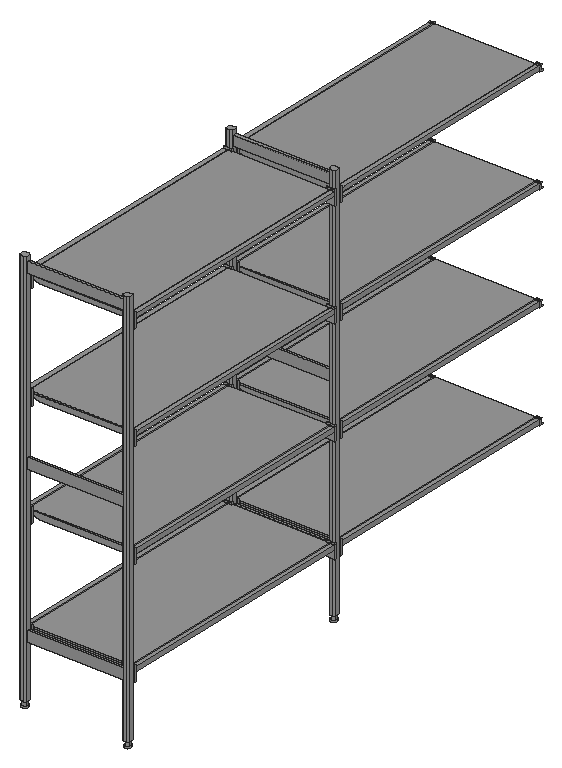
Revit family "QF_ELECTROLUXPROFESSIONAL_137085_CLS2192", category Attrezzature speciali, Revit 2020
Family settings
  Quota connettore circolare = Usa diametro
  Tipo di parte = Normale
  Basato su piano di lavoro = No
  Sempre verticale = Sì
  Taglio con vuoti quando caricato = No
  Condiviso = No
  Punto di calcolo locali = No
Parameters (values of type "Standard")
  Weight = 39.00 kg
  Watts = 0 W
  Volts = 0 V
  URL Manufacturer = "https://www.electroluxprofessional.com/"
  URL = "https://www.electroluxprofessional.com/"
  Steam Supply Size = 0 mm
  Steam Supply Minimum Pressure = 0.0 Pa
  Steam Supply Maximum Pressure = 0.0 Pa
  Steam Consumption per Hour = 0
  Refrigeration Suction Line Size = 0.0 mm
  Refrigeration Liquid Line Size = 0.0 mm
  Refrigerant Compressor Remote = yes
  Prospetto di default = 0.0 mm
  Phase = 0
  Modello = "CLS2192"
  Produttore = "Electrolux Professional"
  Length Actual = 2196.0 mm  # constant formula
  Item Number = "137085"
  Hot Water Size = 0 mm
  Height Actual = 1700.0 mm  # constant formula
  HP = "0 HP"
  Gas Size = 0 mm
  Gas KW = 0
  Gas Input Pressure = 0 W
  Direct Waste Size = 0 mm
  Descrizione = "ALUM.CORNER SHELV.-POLY.TIERS-475X2196MM"
  Depth Actual = 475.0 mm  # constant formula
  Cycle = 0 Hz
  Condensate Return Size = 0 mm
  Compressed Air Volume = 0.0 L/s
  Compressed Air Size = 0 mm
  Compressed Air Pressure = 0.0 Pa
  Cold Water Size = 0 mm
  Accessory = yes
Reference planes
  plane 1: z = 0
  plane 2 "CenterLeft": y = -535.5
  plane 3 "FRONT": y = -921.5
  plane 4 "LEFT": x = 192.5
  plane 5 "RIGHT": x = 667.5
  plane 6 "TOP": z = 1700
  plane 7: y = -889.5
  plane 8: y = 172.5
  plane 9 "Center (Left/Back)": x = 430
  plane 10: x = 256
  plane 11: x = 668
  plane 12 "FEET": z = 25
  plane 13: z = 275
  plane 14: z = 725
  plane 15: z = 1175
  plane 16: z = 1625
  plane 17 "CXLeft": y = -907.5
  plane 18 "Center (Front/Back)": y = 190.5
  plane 19 "CYFront": x = 510
  plane 20: y = 1270.5
  plane 21: y = 208.5
  plane 22 "BACK": y = 1274.5
  plane 23 "LEFT_ORIGIN": x = 158.5
  plane 24 "BACK_ORIGIN": y = 1749.5
Forms (mm)
  Extrusion 1, solid, material "QF_Aluminum"
    sketch origin (38.022, -921.5, -4.006) x (-1, 0, 0) y (0, 0, 1)
      loop
        line (-189.5, 1637.003) -> (-173.5, 1637.003) -> (-173.5, 1655) -> (-175.493, 1655) -> (-175.493, 1648.501) -> (-608.5, 1648.501) -> (-608.5, 1655) -> (-610.5, 1655) -> (-610.5, 1637.003) -> (-594.5, 1637.003) -> (-560.5, 1625) -> (-223.5, 1625) -> (-189.5, 1637.003)
      loop
        line (-189.5, 1187.003) -> (-173.5, 1187.003) -> (-173.5, 1205) -> (-175.493, 1205) -> (-175.493, 1198.501) -> (-608.5, 1198.501) -> (-608.5, 1205) -> (-610.5, 1205) -> (-610.5, 1187.003) -> (-594.5, 1187.003) -> (-560.5, 1175) -> (-223.5, 1175) -> (-189.5, 1187.003)
      loop
        line (-189.5, 737.003) -> (-173.5, 737.003) -> (-173.5, 755) -> (-175.493, 755) -> (-175.493, 748.501) -> (-608.5, 748.501) -> (-608.5, 755) -> (-610.5, 755) -> (-610.5, 737.003) -> (-594.5, 737.003) -> (-560.5, 725) -> (-223.5, 725) -> (-189.5, 737.003)
      loop
        line (-189.5, 287.003) -> (-173.5, 287.003) -> (-173.5, 305) -> (-175.493, 305) -> (-175.493, 298.501) -> (-608.5, 298.501) -> (-608.5, 305) -> (-610.5, 305) -> (-610.5, 287.003) -> (-594.5, 287.003) -> (-560.5, 275) -> (-223.5, 275) -> (-189.5, 287.003)
    from 37 to 32
  Extrusion 2, solid, material "QF_Aluminum"
    sketch origin (38.022, -921.5, 0) x (-1, 0, 0) y (0, 0, 1)
      loop
        line (-154.478, 246.005) -> (-154.478, 307.993) -> (-190.471, 307.993) -> (-190.471, 246.005) -> (-154.478, 246.005)
      loop
        line (-593.484, 246.005) -> (-593.484, 307.993) -> (-629.478, 307.993) -> (-629.478, 246.005) -> (-593.484, 246.005)
      loop
        line (-154.478, 696.005) -> (-154.478, 757.993) -> (-190.471, 757.993) -> (-190.471, 696.005) -> (-154.478, 696.005)
      loop
        line (-593.484, 696.005) -> (-593.484, 757.993) -> (-629.478, 757.993) -> (-629.478, 696.005) -> (-593.484, 696.005)
      loop
        line (-154.478, 1146.005) -> (-154.478, 1207.993) -> (-190.471, 1207.993) -> (-190.471, 1146.005) -> (-154.478, 1146.005)
      loop
        line (-593.484, 1146.005) -> (-593.484, 1207.993) -> (-629.478, 1207.993) -> (-629.478, 1146.005) -> (-593.484, 1146.005)
      loop
        line (-154.478, 1596.005) -> (-154.478, 1657.993) -> (-190.471, 1657.993) -> (-190.471, 1596.005) -> (-154.478, 1596.005)
      loop
        line (-593.484, 1596.005) -> (-593.484, 1657.993) -> (-629.478, 1657.993) -> (-629.478, 1596.005) -> (-593.484, 1596.005)
    from 28 to 32
  Extrusion 3, solid, material "QF_Aluminum"
    sketch origin (38.022, -921.5, 0) x (-1, 0, 0) y (0, 0, 1)
      loop
        line (-154.5, 1650.994) -> (-173.5, 1650.994) -> (-173.5, 1632.998) -> (-154.5, 1632.998) -> (-154.5, 1650.994)
      loop
        line (-154.5, 1200.994) -> (-173.5, 1200.994) -> (-173.5, 1182.998) -> (-154.5, 1182.998) -> (-154.5, 1200.994)
      loop
        line (-154.5, 750.994) -> (-173.5, 750.994) -> (-173.5, 732.998) -> (-154.5, 732.998) -> (-154.5, 750.994)
      loop
        line (-154.5, 300.994) -> (-173.5, 300.994) -> (-173.5, 282.998) -> (-154.5, 282.998) -> (-154.5, 300.994)
      loop
        line (-629.455, 1650.994) -> (-629.455, 1632.998) -> (-610.455, 1632.998) -> (-610.455, 1650.994) -> (-629.455, 1650.994)
      loop
        line (-629.455, 1200.994) -> (-629.455, 1182.998) -> (-610.455, 1182.998) -> (-610.455, 1200.994) -> (-629.455, 1200.994)
      loop
        line (-629.455, 750.994) -> (-629.455, 732.998) -> (-610.455, 732.998) -> (-610.455, 750.994) -> (-629.455, 750.994)
      loop
        line (-629.455, 300.994) -> (-629.455, 282.998) -> (-610.455, 282.998) -> (-610.455, 300.994) -> (-629.455, 300.994)
    from 32 to 1094
  Extrusion 4, solid, material "QF_Polyethylene"
    sketch origin (38.022, -921.5, 0) x (-1, 0, 0) y (0, 0, 1)
      loop
        line (-175.493, 1650.994) -> (-608.5, 1650.994) -> (-608.5, 1644.496) -> (-175.493, 1644.496) -> (-175.493, 1650.994)
      loop
        line (-175.493, 1200.994) -> (-608.5, 1200.994) -> (-608.5, 1194.496) -> (-175.493, 1194.496) -> (-175.493, 1200.994)
      loop
        line (-175.493, 750.994) -> (-608.5, 750.994) -> (-608.5, 744.496) -> (-175.493, 744.496) -> (-175.493, 750.994)
      loop
        line (-175.493, 300.994) -> (-608.5, 300.994) -> (-608.5, 294.496) -> (-175.493, 294.496) -> (-175.493, 300.994)
    from 32 to 1094
  Extrusion 5, solid, material "QF_Aluminum"
    sketch origin (38.022, 684.5, 0) x (-1, 0, 0) y (0, 0, 1)
      loop
        line (-154.5, 1650.994) -> (-173.5, 1650.994) -> (-173.5, 1632.998) -> (-154.5, 1632.998) -> (-154.5, 1650.994)
      loop
        line (-610.455, 1650.994) -> (-629.455, 1650.994) -> (-629.455, 1632.998) -> (-610.455, 1632.998) -> (-610.455, 1650.994)
      loop
        line (-154.5, 1200.994) -> (-173.5, 1200.994) -> (-173.5, 1182.998) -> (-154.5, 1182.998) -> (-154.5, 1200.994)
      loop
        line (-610.455, 1200.994) -> (-629.455, 1200.994) -> (-629.455, 1182.998) -> (-610.455, 1182.998) -> (-610.455, 1200.994)
      loop
        line (-154.5, 750.994) -> (-173.5, 750.994) -> (-173.5, 732.998) -> (-154.5, 732.998) -> (-154.5, 750.994)
      loop
        line (-610.455, 750.994) -> (-629.455, 750.994) -> (-629.455, 732.998) -> (-610.455, 732.998) -> (-610.455, 750.994)
      loop
        line (-154.5, 300.994) -> (-173.5, 300.994) -> (-173.5, 282.998) -> (-154.5, 282.998) -> (-154.5, 300.994)
      loop
        line (-610.455, 300.994) -> (-629.455, 300.994) -> (-629.455, 282.998) -> (-610.455, 282.998) -> (-610.455, 300.994)
    from 586 to -476
  Extrusion 6, solid, material "QF_Polyethylene"
    sketch origin (38.022, 684.5, 0) x (-1, 0, 0) y (0, 0, 1)
      loop
        line (-175.493, 1650.994) -> (-608.5, 1650.994) -> (-608.5, 1644.496) -> (-175.493, 1644.496) -> (-175.493, 1650.994)
      loop
        line (-175.493, 1200.994) -> (-608.5, 1200.994) -> (-608.5, 1194.496) -> (-175.493, 1194.496) -> (-175.493, 1200.994)
      loop
        line (-175.493, 750.994) -> (-608.5, 750.994) -> (-608.5, 744.496) -> (-175.493, 744.496) -> (-175.493, 750.994)
      loop
        line (-175.493, 300.994) -> (-608.5, 300.994) -> (-608.5, 294.496) -> (-175.493, 294.496) -> (-175.493, 300.994)
    from 586 to -476
Lines and regions (mm)
  symbolic lines
    curve 1: line (256, -912.5, 1700) -> (668, -912.5, 1700)
    curve 2: line (668, -902.5, 1700) -> (256, -902.5, 1700)
    curve 3: line (192.5, -893.5, 1700) -> (192.5, 176.5, 1700)
    curve 4: line (667.5, -889.5, 1700) -> (667.5, 172.5, 1700)
    curve 5: line (192.5, 204.5, 1700) -> (192.5, 1274.5, 1700)
    curve 6: line (667.5, 204.5, 1700) -> (667.5, 1274.5, 1700)
    curve 7: line (648.478, 172.5, 1700) -> (648.478, -889.5, 1700)
    curve 8: line (211.522, -889.5, 1700) -> (211.522, 172.5, 1700)
    curve 9: line (211.522, 208.5, 1700) -> (211.522, 1270.5, 1700)
    curve 10: line (648.478, 1270.5, 1700) -> (648.478, 208.5, 1700)
Dimensions and locks
  plane 3 "FRONT" to plane 2 "CenterLeft" = 386.0 mm
  locked: plane 6 "TOP" to level at 1700
  locked: plane 7 to plane 8 at 1062
  locked: plane 10 to plane 11 at 412
  plane 10 to plane 9 "Center (Left/Back)" to plane 11 = 174.0 mm, 238.0 mm
  equal spacing: plane 4 "LEFT", plane 9 "Center (Left/Back)", plane 5 "RIGHT"
  plane 12 "FEET" to level = 25.0 mm
  plane 6 "TOP" to plane 12 "FEET" = 1675.0 mm
  plane 13 to plane 12 "FEET" = 250.0 mm
  plane 14 to plane 13 = 450.0 mm
  plane 15 to plane 14 = 450.0 mm
  plane 16 to plane 15 = 450.0 mm
  locked: plane 21 to plane 20 at 1062
  locked: plane 8 to plane 18 "Center (Front/Back)" at 18
  locked: plane 18 "Center (Front/Back)" to plane 21 at 18
  locked: plane 3 "FRONT" to plane 7 at 32
  locked: plane 4 "LEFT" to plane 5 "RIGHT" at 475
  locked: plane 23 "LEFT_ORIGIN" to plane 5 "RIGHT" at 509
  locked: plane 22 "BACK" to plane 24 "BACK_ORIGIN" at 475
  locked: plane 22 "BACK" to plane 3 "FRONT" at 2196
  aligned and locked: level to plane 1
  aligned and locked: Extrusion 1 to plane 7
  aligned and locked: plane 7 to Extrusion 2
  aligned and locked: Extrusion 4 to plane 7
  aligned and locked: plane 8 to Extrusion 4
  aligned and locked: Extrusion 3 to plane 7
  aligned and locked: plane 8 to Extrusion 3
  aligned and locked: Extrusion 1 sketch curve to Extrusion 1 sketch curve  (x3)
  aligned and locked: Extrusion 5 sketch curve to Extrusion 5 sketch curve  (x2)
  aligned and locked: Extrusion 5 to plane 21  (x5)
  aligned and locked: Extrusion 6 to plane 21  (x5)
  aligned and locked: nested 2 to plane 18 "Center (Front/Back)"
  aligned and locked: plane 17 "CXLeft" to nested 1
  aligned and locked: plane 7 to Extrusion 3  (x3)
  aligned and locked: Extrusion 3 to plane 8  (x4)
  aligned and locked: Extrusion 4 to plane 8  (x4)
  aligned and locked: plane 20 to Extrusion 5
  aligned and locked: plane 20 to Extrusion 6
  aligned and locked: Extrusion 5 to plane 20  (x3)
  aligned and locked: Extrusion 6 to plane 20  (x3)
  aligned and locked: plane 9 "Center (Left/Back)" to nested 2
  aligned and locked: nested 3 to plane 22 "BACK"
Automatic sketch dimensions
  Extrusion 1 sketch curve to plane 19 "CYFront" = 138.522 mm  (x4)
  plane 11 to Extrusion 1 sketch curve = 35.478 mm  (x4)
  Extrusion 1 sketch curve to plane 13 = 4.006 mm
  Extrusion 1 sketch curve to Extrusion 1 sketch curve = 34.0 mm  (x4)
  Extrusion 1 sketch curve to plane 14 = 4.006 mm
  Extrusion 1 sketch curve to plane 15 = 4.006 mm
  Extrusion 1 sketch curve to plane 16 = 4.006 mm
  Extrusion 1 sketch curve to plane 10 = 5.522 mm  (x4)
  plane 10 to Extrusion 1 sketch curve = 28.478 mm  (x4)
  plane 13 to Extrusion 1 sketch curve = 7.998 mm  (x2)
  Extrusion 1 sketch curve to Extrusion 1 sketch curve = 11.498 mm  (x4)
  Extrusion 1 sketch curve to Extrusion 1 sketch curve = 6.499 mm  (x8)
  plane 14 to Extrusion 1 sketch curve = 7.998 mm  (x2)
  plane 15 to Extrusion 1 sketch curve = 7.998 mm  (x2)
  plane 16 to Extrusion 1 sketch curve = 7.998 mm  (x2)
  plane 5 "RIGHT" to Extrusion 2 sketch curve = 35.993 mm  (x4)
  Extrusion 2 sketch curve to plane 4 "LEFT" = 0.0 mm  (x4)
  plane 11 to Extrusion 2 sketch curve = 0.5 mm  (x4)
  plane 10 to Extrusion 2 sketch curve = 27.507 mm  (x4)
  Extrusion 2 sketch curve to plane 13 = 28.995 mm  (x2)
  plane 13 to Extrusion 2 sketch curve = 32.993 mm  (x2)
  Extrusion 2 sketch curve to plane 14 = 28.995 mm  (x2)
  plane 14 to Extrusion 2 sketch curve = 32.993 mm  (x2)
  Extrusion 2 sketch curve to plane 15 = 28.995 mm  (x2)
  plane 15 to Extrusion 2 sketch curve = 32.993 mm  (x2)
  Extrusion 2 sketch curve to plane 16 = 28.995 mm  (x2)
  plane 16 to Extrusion 2 sketch curve = 32.993 mm  (x2)
  plane 13 to Extrusion 4 sketch curve = 19.496 mm
  Extrusion 4 sketch curve to Extrusion 4 sketch curve = 6.499 mm  (x4)
  plane 14 to Extrusion 4 sketch curve = 19.496 mm
  plane 15 to Extrusion 4 sketch curve = 19.496 mm
  plane 16 to Extrusion 4 sketch curve = 19.496 mm
  plane 5 "RIGHT" to Extrusion 5 sketch curve = 0.022 mm  (x4)
  Extrusion 5 sketch curve to plane 4 "LEFT" = 19.022 mm  (x4)
  Extrusion 5 sketch curve to plane 19 "CYFront" = 138.478 mm  (x2)
  plane 13 to Extrusion 5 sketch curve = 7.998 mm  (x2)
  Extrusion 5 sketch curve to Extrusion 5 sketch curve = 17.997 mm  (x8)
  plane 14 to Extrusion 5 sketch curve = 7.998 mm  (x2)
  plane 15 to Extrusion 5 sketch curve = 7.998 mm  (x2)
  plane 16 to Extrusion 5 sketch curve = 7.998 mm  (x2)
  Extrusion 6 sketch curve to plane 19 "CYFront" = 136.522 mm  (x4)
  plane 13 to Extrusion 6 sketch curve = 19.496 mm
  Extrusion 6 sketch curve to Extrusion 6 sketch curve = 6.499 mm  (x4)
  plane 14 to Extrusion 6 sketch curve = 19.496 mm
  plane 15 to Extrusion 6 sketch curve = 19.496 mm
  plane 16 to Extrusion 6 sketch curve = 19.496 mm
  plane 5 "RIGHT" to Extrusion 3 sketch curve = 0.022 mm  (x4)
  Extrusion 3 sketch curve to Extrusion 3 sketch curve = 19.0 mm  (x4)
  plane 14 to Extrusion 3 sketch curve = 7.998 mm  (x2)
  plane 10 to Extrusion 3 sketch curve = 44.478 mm  (x4)
  Extrusion 3 sketch curve to plane 4 "LEFT" = 0.022 mm  (x4)
  plane 13 to Extrusion 3 sketch curve = 25.994 mm  (x2)
  plane 13 to Extrusion 3 sketch curve = 7.998 mm  (x2)
  Extrusion 3 sketch curve to Extrusion 3 sketch curve = 17.997 mm  (x6)
  plane 15 to Extrusion 3 sketch curve = 7.998 mm  (x2)
  plane 16 to Extrusion 3 sketch curve = 7.998 mm  (x2)
  plane 10 to Extrusion 1 sketch curve = 42.484 mm  (x4)
  plane 10 to Extrusion 1 sketch curve = 44.478 mm  (x2)
  Extrusion 1 sketch curve to Extrusion 1 sketch curve = 1.993 mm  (x2)
  plane 10 to Extrusion 4 sketch curve = 42.484 mm  (x4)
  Extrusion 5 sketch curve to plane 4 "LEFT" = 0.022 mm  (x4)
  plane 10 to Extrusion 6 sketch curve = 42.484 mm  (x4)
  Extrusion 1 sketch curve to Extrusion 1 sketch curve = 2.0 mm
  plane 5 "RIGHT" to Extrusion 4 sketch curve = 20.978 mm  (x4)
  curve 1 to plane 11 = 0.0 mm
  curve 1 to plane 10 = 0.0 mm
  curve 2 to plane 10 = 0.0 mm
  curve 2 to plane 11 = 0.0 mm
  curve 3 to plane 4 "LEFT" = 0.0 mm
  curve 4 to plane 5 "RIGHT" = 0.0 mm
  plane 7 to curve 4 = 0.0 mm
  plane 7 to curve 8 = 0.0 mm
  plane 8 to curve 8 = 0.0 mm
  plane 8 to curve 7 = 0.0 mm
  plane 8 to curve 4 = 0.0 mm
  curve 5 to plane 4 "LEFT" = 0.0 mm
  curve 6 to plane 5 "RIGHT" = 0.0 mm
  plane 20 to curve 9 = 0.0 mm
  plane 22 "BACK" to curve 5 = 0.0 mm
  plane 22 "BACK" to curve 6 = 0.0 mm
  plane 7 to curve 3 = 4.0 mm
  plane 17 "CXLeft" to curve 2 = 5.0 mm
  curve 1 to plane 17 "CXLeft" = 5.0 mm
  curve 3 to plane 8 = 4.0 mm
  curve 6 to plane 21 = 4.0 mm
  curve 9 to plane 4 "LEFT" = 19.022 mm
  curve 8 to plane 4 "LEFT" = 19.022 mm
  curve 9 to plane 21 = 0.0 mm
  plane 21 to curve 10 = 0.0 mm
  curve 5 to plane 21 = 4.0 mm
  plane 7 to curve 7 = 0.0 mm
  curve 4 to curve 7 = 19.022 mm
  plane 20 to curve 10 = 0.0 mm
  plane 5 "RIGHT" to curve 10 = 19.022 mm
Nested families
  nested 1: "WT_Anta475" at (215.5, -504.5, 0) x (0, 1, 0) z (0, 0, 1), type "WT_Anta475"
  nested 2: "WT_Anta475Center" at (215.5, 593.5, 0) x (0, 1, 0) z (0, 0, 1), type "WT_Anta475Center"
  nested 3: "WT_Aggancio475" at (215.5, 1682.5, 0) x (0, 1, 0) z (0, 0, 1), type "WT_Aggancio475"
Definition of nested family "WT_Anta475"
  Parameters
    WidthLeft = A + 64.0 mm  # 772.0 mm
    Width = 1606.0 mm
    Right = WidthLeft / 2  # 386.0 mm
    Default Elevation = 0.0 mm
    Left = -WidthLeft / 2  # -386.0 mm
    Height = 1725.0 mm
    FEET = 25.0 mm
    E = 0.0 mm
    Dint = Depth - 63.0 mm  # 412.0 mm
    Dext = Depth - 8.0 mm  # 467.0 mm
    Depth = 475.0 mm
    DX = (WidthLeft - A) / 2  # 32.0 mm
    B = 798.0 mm
    A = 708.0 mm
  Reference planes
    plane 1: z = 0
    plane 2 "LEFT": x = -417
    plane 3 "BACK": y = 23
    plane 4 "FRONT": y = -452
    plane 5 "TOP": z = 1725
    plane 6 "Center (Front/Back)": y = -214.5
    plane 7: y = -8.5
    plane 8: y = -420.5
    plane 9 "FEET": z = 25
    plane 10: z = 275
    plane 11: z = 725
    plane 12: z = 1175
    plane 13: z = 1625
    plane 14 "CXLeft": x = -403
    plane 15: y = 5.5
    plane 16 "CYBack": y = 5.5
    plane 17 "CYFront": y = -434.5
    plane 18: x = -385.031
    plane 19: x = -380.031
  Forms (mm)
    Extrusion 1, solid
      sketch origin (0, 0, 0) x (1, 0, 0) y (0, 1, 0)
        loop
          line (-417, 13.246) -> (-417, -2.246) -> (-410.746, -8.5) -> (-395.254, -8.5) -> (-389, -2.246) -> (-389, 13.246) -> (-395.254, 19.5) -> (-410.746, 19.5) -> (-417, 13.246)
      from 1725 to 25
    Extrusion 2, solid
      sketch origin (-417, 0, 0) x (0, 1, 0) y (0, 0, 1)
        loop
          line (23, 246.005) -> (23, 307.993) -> (-12.993, 307.993) -> (-12.993, 246.005) -> (23, 246.005)
        loop
          line (-452, 246.005) -> (-416.007, 246.005) -> (-416.007, 307.993) -> (-452, 307.993) -> (-452, 246.005)
        loop
          line (23, 696.005) -> (23, 757.993) -> (-12.993, 757.993) -> (-12.993, 696.005) -> (23, 696.005)
        loop
          line (-452, 696.005) -> (-416.007, 696.005) -> (-416.007, 757.993) -> (-452, 757.993) -> (-452, 696.005)
        loop
          line (23, 1146.005) -> (23, 1207.993) -> (-12.993, 1207.993) -> (-12.993, 1146.005) -> (23, 1146.005)
        loop
          line (-452, 1146.005) -> (-416.007, 1146.005) -> (-416.007, 1207.993) -> (-452, 1207.993) -> (-452, 1146.005)
        loop
          line (23, 1596.005) -> (23, 1657.993) -> (-12.993, 1657.993) -> (-12.993, 1596.005) -> (23, 1596.005)
        loop
          line (-452, 1596.005) -> (-416.007, 1596.005) -> (-416.007, 1657.993) -> (-452, 1657.993) -> (-452, 1596.005)
      from 28 to 32
    Revolve 3, solid
      sketch origin (-403, 0, 0) x (0, 1, 0) y (0, 0, 1)
        loop
          line (5.5, 25) -> (5.5, 0) -> (19, 0) -> (19, 5) -> (14, 5) -> (14, 25) -> (5.5, 25)
        axis (5.5, 25) -> (5.5, 0)
      angle from 0 to 360
    Extrusion 4, solid
      sketch origin (-403, 0, 0) x (0, 1, 0) y (0, 0, 1)
        loop
          line (-8.5, 912.382) -> (-8.5, 957.374) -> (-420.5, 957.374) -> (-420.5, 912.382) -> (-8.5, 912.382)
        loop
          line (-8.5, 1662.244) -> (-8.5, 1707.236) -> (-420.5, 1707.236) -> (-420.5, 1662.244) -> (-8.5, 1662.244)
      from -5 to 5
    Revolve 5, solid
      sketch origin (-403, -627, 0) x (0, -1, 0) y (0, 0, 1)
        loop
          line (-192.5, 25) -> (-192.5, 0) -> (-179, 0) -> (-179, 5) -> (-184, 5) -> (-184, 25) -> (-192.5, 25)
        axis (-192.5, 25) -> (-192.5, 0)
      angle from 0 to 360
    Extrusion 6, solid
      sketch origin (0, -627, 0) x (1, 0, 0) y (0, 1, 0)
        loop
          line (-417, 184.754) -> (-410.746, 178.5) -> (-395.254, 178.5) -> (-389, 184.754) -> (-389, 200.246) -> (-395.254, 206.5) -> (-410.746, 206.5) -> (-417, 200.246) -> (-417, 184.754)
      from 1725 to 25
    Extrusion 7, solid
      sketch origin (-417.031, -0.022, 0) x (0, 1, 0) y (0, 0, -1)
        loop
          line (-12, -1632.998) -> (-46, -1620.994) -> (-383, -1620.994) -> (-417, -1632.998) -> (-433, -1632.998) -> (-433, -1650.994) -> (-431, -1650.994) -> (-431, -1644.496) -> (2.007, -1644.496) -> (2.007, -1650.994) -> (4, -1650.994) -> (4, -1632.998) -> (-12, -1632.998)
        loop
          line (-12, -1182.998) -> (-46, -1170.994) -> (-383, -1170.994) -> (-417, -1182.998) -> (-433, -1182.998) -> (-433, -1200.994) -> (-431, -1200.994) -> (-431, -1194.496) -> (2.007, -1194.496) -> (2.007, -1200.994) -> (4, -1200.994) -> (4, -1182.998) -> (-12, -1182.998)
        loop
          line (-12, -732.998) -> (-46, -720.994) -> (-383, -720.994) -> (-417, -732.998) -> (-433, -732.998) -> (-433, -750.994) -> (-431, -750.994) -> (-431, -744.496) -> (2.007, -744.496) -> (2.007, -750.994) -> (4, -750.994) -> (4, -732.998) -> (-12, -732.998)
        loop
          line (-12, -282.998) -> (-46, -270.994) -> (-383, -270.994) -> (-417, -282.998) -> (-433, -282.998) -> (-433, -300.994) -> (-431, -300.994) -> (-431, -294.496) -> (2.007, -294.496) -> (2.007, -300.994) -> (4, -300.994) -> (4, -282.998) -> (-12, -282.998)
      from -32 to -37
    Extrusion 8, solid
      sketch origin (-403, 0, -659.878) x (0, 1, 0) y (0, 0, 1)
        loop
          line (-8.5, 912.382) -> (-8.5, 957.374) -> (-420.5, 957.374) -> (-420.5, 912.382) -> (-8.5, 912.382)
        loop
          line (-8.5, 1572.382) -> (-8.5, 1617.374) -> (-420.5, 1617.374) -> (-420.5, 1572.382) -> (-8.5, 1572.382)
        loop
          line (-8.5, 2322.382) -> (-8.5, 2367.374) -> (-420.5, 2367.374) -> (-420.5, 2322.382) -> (-8.5, 2322.382)
      from -5 to 5
  Lines and regions (mm)
    symbolic lines
      curve 1: line (-408, -8.5, 1725) -> (-408, -420.5, 1725)
      curve 2: line (-398, -420.5, 1725) -> (-398, -8.5, 1725)
      curve 3: line (-395.254, -8.5, 1725) -> (-410.746, -8.5, 1725)
      curve 4: line (-417, -2.246, 1725) -> (-410.746, -8.5, 1725)
      curve 5: line (-417, 13.246, 1725) -> (-417, -2.246, 1725)
      curve 6: line (-410.746, 19.5, 1725) -> (-417, 13.246, 1725)
      curve 7: line (-395.254, 19.5, 1725) -> (-410.746, 19.5, 1725)
      curve 8: line (-389, 13.246, 1725) -> (-395.254, 19.5, 1725)
      curve 9: line (-395.254, -8.5, 1725) -> (-389, -2.246, 1725)
      curve 10: line (-395.254, -420.5, 1725) -> (-410.746, -420.5, 1725)
      curve 11: line (-417, -426.754, 1725) -> (-410.746, -420.5, 1725)
      curve 12: line (-410.746, -448.5, 1725) -> (-417, -442.246, 1725)
      curve 13: line (-395.254, -448.5, 1725) -> (-410.746, -448.5, 1725)
      curve 14: line (-389, -442.246, 1725) -> (-395.254, -448.5, 1725)
      curve 15: line (-395.254, -420.5, 1725) -> (-389, -426.754, 1725)
      curve 16: line (-389, -452, 1725) -> (-389, -416.007, 1725)
      curve 17: line (-389, -416.007, 1725) -> (-385, -416.007, 1725)
      curve 18: line (-389, 23, 1725) -> (-389, -12.993, 1725)
      curve 19: line (-389, -12.993, 1725) -> (-385, -12.993, 1725)
      curve 20: line (-417, -426.754, 1725) -> (-417, -442.246, 1725)
      curve 21: line (-385, -452, 1725) -> (-385, -416.007, 1725)
      curve 22: line (-385, -452, 1725) -> (-389, -452, 1725)
      curve 23: line (-385, 23, 1725) -> (-389, 23, 1725)
      curve 24: line (-385, -12.993, 1725) -> (-385, 23, 1725)
      curve 25: line (-385.031, -13.016, 1725) -> (-385.031, -416.029, 1725)
  Dimensions and locks
    "Height": plane 5 "TOP" to level
    "Depth": plane 3 "BACK" to plane 4 "FRONT"
    "Dint": plane 7 to plane 8
    equal spacing: plane 7, plane 6 "Center (Front/Back)", plane 8
    equal spacing: plane 3 "BACK", plane 6 "Center (Front/Back)", plane 4 "FRONT"
    plane 9 "FEET" to level = 25.0 mm
    plane 5 "TOP" to plane 9 "FEET" = 1700.0 mm
    plane 10 to plane 9 "FEET" = 250.0 mm
    plane 11 to plane 10 = 450.0 mm
    plane 12 to plane 11 = 450.0 mm
    plane 13 to plane 12 = 450.0 mm
    locked: plane 2 "LEFT" to plane 14 "CXLeft" at 14
    locked: plane 3 "BACK" to plane 16 "CYBack" at 17.5
    locked: plane 17 "CYFront" to plane 4 "FRONT" at 17.5
    locked: Revolve 3 sketch curve to Revolve 3 sketch curve at 8.5
    locked: Revolve 3 sketch curve to plane 16 "CYBack" at 13.5
    locked: Revolve 5 sketch curve to Revolve 5 sketch curve at 8.5
    aligned and locked: level to plane 1
    aligned and locked: curve 20 to Extrusion 6
    aligned and locked: plane 5 "TOP" to Extrusion 1
    aligned and locked: plane 5 "TOP" to Extrusion 6
    aligned and locked: Extrusion 7 sketch curve to Extrusion 7 sketch curve  (x3)
  Automatic sketch dimensions
    curve 16 to plane 4 "FRONT" = 0.0 mm
    curve 11 to plane 8 = 0.0 mm
    curve 9 to plane 7 = 0.0 mm
    curve 5 to plane 2 "LEFT" = 0.0 mm
    curve 23 to plane 3 "BACK" = 0.0 mm
    plane 4 "FRONT" to curve 13 = 3.5 mm
    curve 20 to plane 17 "CYFront" = 7.746 mm
    curve 20 to plane 8 = 6.254 mm
    plane 8 to curve 16 = 4.493 mm
    curve 24 to plane 18 = 0.031 mm
    curve 24 to plane 7 = 4.493 mm
    plane 7 to curve 5 = 6.254 mm
    curve 5 to plane 15 = 7.746 mm
    curve 6 to plane 3 "BACK" = 3.5 mm
    curve 21 to plane 18 = 0.031 mm
    plane 18 to curve 23 = 3.969 mm
    plane 18 to curve 16 = 3.969 mm
    curve 18 to curve 8 = 6.254 mm
    curve 18 to curve 3 = 6.254 mm
    curve 16 to curve 13 = 6.254 mm
    curve 16 to curve 15 = 6.254 mm
    plane 2 "LEFT" to curve 10 = 6.254 mm
    plane 2 "LEFT" to curve 7 = 6.254 mm
    plane 2 "LEFT" to curve 12 = 6.254 mm
    plane 2 "LEFT" to curve 3 = 6.254 mm
    curve 14 to plane 17 "CYFront" = 7.746 mm
    curve 15 to plane 8 = 6.254 mm
    plane 7 to curve 9 = 6.254 mm
    curve 8 to plane 15 = 7.746 mm
    curve 3 to curve 2 = 2.746 mm
    curve 1 to curve 10 = 2.746 mm
    Extrusion 1 sketch curve to plane 2 "LEFT" = 0.0 mm
    Extrusion 1 sketch curve to plane 7 = 0.0 mm
    plane 2 "LEFT" to Extrusion 1 sketch curve = 6.254 mm  (x2)
    plane 14 "CXLeft" to Extrusion 1 sketch curve = 7.746 mm  (x2)
    Extrusion 1 sketch curve to plane 3 "BACK" = 3.5 mm
    plane 18 to Extrusion 1 sketch curve = 3.969 mm
    plane 7 to Extrusion 1 sketch curve = 6.254 mm  (x2)
    Extrusion 1 sketch curve to plane 15 = 7.746 mm  (x2)
    Extrusion 2 sketch curve to plane 4 "FRONT" = 0.0 mm  (x4)
    Extrusion 2 sketch curve to plane 3 "BACK" = 0.0 mm  (x4)
    plane 8 to Extrusion 2 sketch curve = 4.493 mm  (x4)
    Extrusion 2 sketch curve to plane 7 = 4.493 mm  (x4)
    Extrusion 2 sketch curve to plane 10 = 28.995 mm  (x2)
    plane 10 to Extrusion 2 sketch curve = 32.993 mm  (x2)
    Extrusion 2 sketch curve to plane 11 = 28.995 mm  (x2)
    plane 11 to Extrusion 2 sketch curve = 32.993 mm  (x2)
    Extrusion 2 sketch curve to plane 12 = 28.995 mm  (x2)
    plane 12 to Extrusion 2 sketch curve = 32.993 mm  (x2)
    Extrusion 2 sketch curve to plane 13 = 28.995 mm  (x2)
    plane 13 to Extrusion 2 sketch curve = 32.993 mm  (x2)
    Revolve 3 sketch curve to plane 9 "FEET" = 0.0 mm  (x2)
    Revolve 3 sketch curve to plane 15 = 0.0 mm  (x2)
    Revolve 3 sketch curve to level = 0.0 mm
    level to Revolve 3 sketch curve = 5.0 mm
    Revolve 3 sketch curve to Revolve 3 sketch curve = 11.655 mm
    Extrusion 4 sketch curve to plane 8 = 0.0 mm  (x2)
    Extrusion 4 sketch curve to plane 7 = 0.0 mm  (x2)
    plane 11 to Extrusion 4 sketch curve = 187.382 mm
    Extrusion 4 sketch curve to Extrusion 4 sketch curve = 44.992 mm
    plane 13 to Extrusion 4 sketch curve = 37.244 mm
    Extrusion 4 sketch curve to plane 5 "TOP" = 17.764 mm
    Revolve 5 sketch curve to plane 9 "FEET" = 0.0 mm  (x2)
    Revolve 5 sketch curve to plane 17 "CYFront" = 0.0 mm  (x2)
    Revolve 5 sketch curve to level = 0.0 mm
    Revolve 5 sketch curve to plane 4 "FRONT" = 4.0 mm
    Revolve 5 sketch curve to Revolve 5 sketch curve = 5.0 mm
    level to Revolve 5 sketch curve = 11.655 mm
    Extrusion 6 sketch curve to plane 2 "LEFT" = 0.0 mm
    Extrusion 6 sketch curve to plane 8 = 0.0 mm
    Extrusion 6 sketch curve to plane 2 "LEFT" = 6.254 mm  (x2)
    Extrusion 6 sketch curve to plane 14 "CXLeft" = 7.746 mm  (x2)
    Extrusion 6 sketch curve to plane 4 "FRONT" = 3.5 mm
    Extrusion 6 sketch curve to plane 18 = 3.969 mm
    plane 8 to Extrusion 6 sketch curve = 6.254 mm  (x2)
    plane 17 "CYFront" to Extrusion 6 sketch curve = 7.746 mm  (x2)
    plane 17 "CYFront" to Extrusion 7 sketch curve = 1.478 mm  (x4)
    Extrusion 7 sketch curve to Extrusion 7 sketch curve = 2.0 mm
    plane 8 to Extrusion 7 sketch curve = 3.478 mm  (x4)
    Extrusion 7 sketch curve to plane 10 = 4.006 mm
    Extrusion 7 sketch curve to Extrusion 7 sketch curve = 34.0 mm  (x4)
    Extrusion 7 sketch curve to plane 11 = 4.006 mm
    Extrusion 7 sketch curve to plane 12 = 4.006 mm
    Extrusion 7 sketch curve to plane 13 = 4.006 mm
    Extrusion 7 sketch curve to plane 7 = 37.522 mm  (x4)
    Extrusion 7 sketch curve to plane 7 = 3.522 mm  (x4)
    plane 15 to Extrusion 7 sketch curve = 3.516 mm  (x4)
    plane 15 to Extrusion 7 sketch curve = 1.522 mm  (x4)
    plane 13 to Extrusion 7 sketch curve = 7.998 mm  (x2)
    Extrusion 7 sketch curve to Extrusion 7 sketch curve = 11.498 mm
    Extrusion 7 sketch curve to Extrusion 7 sketch curve = 6.499 mm  (x5)
    plane 12 to Extrusion 7 sketch curve = 25.994 mm  (x2)
    plane 12 to Extrusion 7 sketch curve = 7.998 mm  (x2)
    plane 11 to Extrusion 7 sketch curve = 25.994 mm  (x2)
    plane 11 to Extrusion 7 sketch curve = 7.998 mm  (x2)
    plane 10 to Extrusion 7 sketch curve = 25.994 mm  (x2)
    plane 10 to Extrusion 7 sketch curve = 7.998 mm  (x2)
    curve 25 to plane 18 = 0.0 mm
    plane 8 to curve 25 = 4.471 mm
    curve 25 to plane 7 = 4.516 mm
    Extrusion 8 sketch curve to plane 8 = 0.0 mm  (x3)
    Extrusion 8 sketch curve to plane 7 = 0.0 mm  (x3)
    Extrusion 8 sketch curve to plane 10 = 22.496 mm
    plane 10 to Extrusion 8 sketch curve = 22.496 mm
    plane 11 to Extrusion 8 sketch curve = 187.504 mm
    Extrusion 8 sketch curve to Extrusion 8 sketch curve = 44.992 mm
    plane 13 to Extrusion 8 sketch curve = 37.504 mm
    Extrusion 8 sketch curve to plane 5 "TOP" = 17.504 mm
Definition of nested family "WT_Anta475Center"
  Parameters
    WidthLeft = A + 64.0 mm  # 772.0 mm
    Width = 1606.0 mm
    Right = WidthLeft / 2  # 386.0 mm
    Default Elevation = 0.0 mm
    Left = -WidthLeft / 2  # -386.0 mm
    Height = 1725.0 mm
    FEET = 25.0 mm
    E = 0.0 mm
    Dint = Depth - 63.0 mm  # 412.0 mm
    Dext = Depth - 8.0 mm  # 467.0 mm
    Depth = 475.0 mm
    DX = (WidthLeft - A) / 2  # 32.0 mm
    B = 798.0 mm
    A = 708.0 mm
  Reference planes
    plane 1: z = 0
    plane 2 "L": x = -417
    plane 3 "BACK": y = 23
    plane 4 "FRONT": y = -452
    plane 5 "TOP": z = 1725
    plane 6 "Center (Front/Back)": y = -214.5
    plane 7: y = -8.5
    plane 8: y = -420.5
    plane 9 "FEET": z = 25
    plane 10: z = 275
    plane 11: z = 725
    plane 12: z = 1175
    plane 13: z = 1625
    plane 14 "CXLeft": x = -403
    plane 15: y = 5.5
    plane 16 "CYBack": y = 5.5
    plane 17 "CYFront": y = -434.5
    plane 18: x = -385.031
    plane 19 "RIGHT": x = -380.031
    plane 20: x = -420.969
    plane 21 "LEFT": x = -425.969
  Forms (mm)
    Extrusion 1, solid
      sketch origin (0, 0, 0) x (1, 0, 0) y (0, 1, 0)
        loop
          line (-417, 13.246) -> (-417, -2.246) -> (-410.746, -8.5) -> (-395.254, -8.5) -> (-389, -2.246) -> (-389, 13.246) -> (-395.254, 19.5) -> (-410.746, 19.5) -> (-417, 13.246)
      from 1725 to 25
    Extrusion 2, solid
      sketch origin (-417, 0, 0) x (0, 1, 0) y (0, 0, 1)
        loop
          line (23, 246.005) -> (23, 307.993) -> (-12.993, 307.993) -> (-12.993, 246.005) -> (23, 246.005)
        loop
          line (-452, 246.005) -> (-416.007, 246.005) -> (-416.007, 307.993) -> (-452, 307.993) -> (-452, 246.005)
        loop
          line (23, 696.005) -> (23, 757.993) -> (-12.993, 757.993) -> (-12.993, 696.005) -> (23, 696.005)
        loop
          line (-452, 696.005) -> (-416.007, 696.005) -> (-416.007, 757.993) -> (-452, 757.993) -> (-452, 696.005)
        loop
          line (23, 1146.005) -> (23, 1207.993) -> (-12.993, 1207.993) -> (-12.993, 1146.005) -> (23, 1146.005)
        loop
          line (-452, 1146.005) -> (-416.007, 1146.005) -> (-416.007, 1207.993) -> (-452, 1207.993) -> (-452, 1146.005)
        loop
          line (23, 1596.005) -> (23, 1657.993) -> (-12.993, 1657.993) -> (-12.993, 1596.005) -> (23, 1596.005)
        loop
          line (-452, 1596.005) -> (-416.007, 1596.005) -> (-416.007, 1657.993) -> (-452, 1657.993) -> (-452, 1596.005)
      from 28 to 32
    Revolve 3, solid
      sketch origin (-403, 0, 0) x (0, 1, 0) y (0, 0, 1)
        loop
          line (5.5, 25) -> (5.5, 0) -> (19, 0) -> (19, 5) -> (14, 5) -> (14, 25) -> (5.5, 25)
        axis (5.5, 25) -> (5.5, 0)
      angle from 0 to 360
    Extrusion 4, solid
      sketch origin (-403, 0, 0) x (0, 1, 0) y (0, 0, 1)
        loop
          line (-8.5, 912.382) -> (-8.5, 957.374) -> (-420.5, 957.374) -> (-420.5, 912.382) -> (-8.5, 912.382)
        loop
          line (-8.5, 1662.244) -> (-8.5, 1707.236) -> (-420.5, 1707.236) -> (-420.5, 1662.244) -> (-8.5, 1662.244)
      from -5 to 5
    Revolve 5, solid
      sketch origin (-403, -627, 0) x (0, -1, 0) y (0, 0, 1)
        loop
          line (-192.5, 25) -> (-192.5, 0) -> (-179, 0) -> (-179, 5) -> (-184, 5) -> (-184, 25) -> (-192.5, 25)
        axis (-192.5, 25) -> (-192.5, 0)
      angle from 0 to 360
    Extrusion 6, solid
      sketch origin (0, -627, 0) x (1, 0, 0) y (0, 1, 0)
        loop
          line (-417, 184.754) -> (-410.746, 178.5) -> (-395.254, 178.5) -> (-389, 184.754) -> (-389, 200.246) -> (-395.254, 206.5) -> (-410.746, 206.5) -> (-417, 200.246) -> (-417, 184.754)
      from 1725 to 25
    Extrusion 7, solid
      sketch origin (-417.031, -0.022, 0) x (0, 1, 0) y (0, 0, -1)
        loop
          line (-12, -1632.998) -> (-46, -1620.994) -> (-383, -1620.994) -> (-417, -1632.998) -> (-433, -1632.998) -> (-433, -1650.994) -> (-431, -1650.994) -> (-431, -1644.496) -> (2.007, -1644.496) -> (2.007, -1650.994) -> (4, -1650.994) -> (4, -1632.998) -> (-12, -1632.998)
        loop
          line (-12, -1182.998) -> (-46, -1170.994) -> (-383, -1170.994) -> (-417, -1182.998) -> (-433, -1182.998) -> (-433, -1200.994) -> (-431, -1200.994) -> (-431, -1194.496) -> (2.007, -1194.496) -> (2.007, -1200.994) -> (4, -1200.994) -> (4, -1182.998) -> (-12, -1182.998)
        loop
          line (-12, -732.998) -> (-46, -720.994) -> (-383, -720.994) -> (-417, -732.998) -> (-433, -732.998) -> (-433, -750.994) -> (-431, -750.994) -> (-431, -744.496) -> (2.007, -744.496) -> (2.007, -750.994) -> (4, -750.994) -> (4, -732.998) -> (-12, -732.998)
        loop
          line (-12, -282.998) -> (-46, -270.994) -> (-383, -270.994) -> (-417, -282.998) -> (-433, -282.998) -> (-433, -300.994) -> (-431, -300.994) -> (-431, -294.496) -> (2.007, -294.496) -> (2.007, -300.994) -> (4, -300.994) -> (4, -282.998) -> (-12, -282.998)
      from -32 to -37
    Extrusion 8, solid
      sketch origin (-403, 0, -659.878) x (0, 1, 0) y (0, 0, 1)
        loop
          line (-8.5, 912.382) -> (-8.5, 957.374) -> (-420.5, 957.374) -> (-420.5, 912.382) -> (-8.5, 912.382)
        loop
          line (-8.5, 1572.382) -> (-8.5, 1617.374) -> (-420.5, 1617.374) -> (-420.5, 1572.382) -> (-8.5, 1572.382)
        loop
          line (-8.5, 2322.382) -> (-8.5, 2367.374) -> (-420.5, 2367.374) -> (-420.5, 2322.382) -> (-8.5, 2322.382)
      from -5 to 5
    Extrusion 9, solid
      sketch origin (-389, 0, 0) x (0, 1, 0) y (0, 0, -1)
        loop
          line (23, -246.005) -> (-12.993, -246.005) -> (-12.993, -307.993) -> (23, -307.993) -> (23, -246.005)
        loop
          line (-452, -246.005) -> (-452, -307.993) -> (-416.007, -307.993) -> (-416.007, -246.005) -> (-452, -246.005)
        loop
          line (23, -696.005) -> (-12.993, -696.005) -> (-12.993, -757.993) -> (23, -757.993) -> (23, -696.005)
        loop
          line (-452, -696.005) -> (-452, -757.993) -> (-416.007, -757.993) -> (-416.007, -696.005) -> (-452, -696.005)
        loop
          line (23, -1146.005) -> (-12.993, -1146.005) -> (-12.993, -1207.993) -> (23, -1207.993) -> (23, -1146.005)
        loop
          line (-452, -1146.005) -> (-452, -1207.993) -> (-416.007, -1207.993) -> (-416.007, -1146.005) -> (-452, -1146.005)
        loop
          line (23, -1596.005) -> (-12.993, -1596.005) -> (-12.993, -1657.993) -> (23, -1657.993) -> (23, -1596.005)
        loop
          line (-452, -1596.005) -> (-452, -1657.993) -> (-416.007, -1657.993) -> (-416.007, -1596.005) -> (-452, -1596.005)
      from 28 to 32
    Extrusion 10, solid
      sketch origin (-388.969, -0.022, 0) x (0, 1, 0) y (0, 0, 1)
        loop
          line (-12, 1632.998) -> (4, 1632.998) -> (4, 1650.994) -> (2.007, 1650.994) -> (2.007, 1644.496) -> (-431, 1644.496) -> (-431, 1650.994) -> (-433, 1650.994) -> (-433, 1632.998) -> (-417, 1632.998) -> (-383, 1620.994) -> (-46, 1620.994) -> (-12, 1632.998)
        loop
          line (-12, 1182.998) -> (4, 1182.998) -> (4, 1200.994) -> (2.007, 1200.994) -> (2.007, 1194.496) -> (-431, 1194.496) -> (-431, 1200.994) -> (-433, 1200.994) -> (-433, 1182.998) -> (-417, 1182.998) -> (-383, 1170.994) -> (-46, 1170.994) -> (-12, 1182.998)
        loop
          line (-12, 732.998) -> (4, 732.998) -> (4, 750.994) -> (2.007, 750.994) -> (2.007, 744.496) -> (-431, 744.496) -> (-431, 750.994) -> (-433, 750.994) -> (-433, 732.998) -> (-417, 732.998) -> (-383, 720.994) -> (-46, 720.994) -> (-12, 732.998)
        loop
          line (-12, 282.998) -> (4, 282.998) -> (4, 300.994) -> (2.007, 300.994) -> (2.007, 294.496) -> (-431, 294.496) -> (-431, 300.994) -> (-433, 300.994) -> (-433, 282.998) -> (-417, 282.998) -> (-383, 270.994) -> (-46, 270.994) -> (-12, 282.998)
      from -32 to -37
  Lines and regions (mm)
    symbolic lines
      curve 1: line (-408, -8.5, 1725) -> (-408, -420.5, 1725)
      curve 2: line (-398, -420.5, 1725) -> (-398, -8.5, 1725)
      curve 3: line (-395.254, -8.5, 1725) -> (-410.746, -8.5, 1725)
      curve 4: line (-417, -2.246, 1725) -> (-410.746, -8.5, 1725)
      curve 5: line (-410.746, 19.5, 1725) -> (-417, 13.246, 1725)
      curve 6: line (-395.254, 19.5, 1725) -> (-410.746, 19.5, 1725)
      curve 7: line (-389, 13.246, 1725) -> (-395.254, 19.5, 1725)
      curve 8: line (-395.254, -8.5, 1725) -> (-389, -2.246, 1725)
      curve 9: line (-395.254, -420.5, 1725) -> (-410.746, -420.5, 1725)
      curve 10: line (-417, -426.754, 1725) -> (-410.746, -420.5, 1725)
      curve 11: line (-410.746, -448.5, 1725) -> (-417, -442.246, 1725)
      curve 12: line (-395.254, -448.5, 1725) -> (-410.746, -448.5, 1725)
      curve 13: line (-389, -442.246, 1725) -> (-395.254, -448.5, 1725)
      curve 14: line (-395.254, -420.5, 1725) -> (-389, -426.754, 1725)
      curve 15: line (-389, -452, 1725) -> (-389, -416.007, 1725)
      curve 16: line (-389, -416.007, 1725) -> (-385, -416.007, 1725)
      curve 17: line (-389, 23, 1725) -> (-389, -12.993, 1725)
      curve 18: line (-389, -12.993, 1725) -> (-385, -12.993, 1725)
      curve 19: line (-385, -452, 1725) -> (-385, -416.007, 1725)
      curve 20: line (-385, -452, 1725) -> (-389, -452, 1725)
      curve 21: line (-385, 23, 1725) -> (-389, 23, 1725)
      curve 22: line (-385, -12.993, 1725) -> (-385, 23, 1725)
      curve 23: line (-385.031, -13.016, 1725) -> (-385.031, -416.029, 1725)
      curve 24: line (-417, -452, 1725) -> (-417, -416.007, 1725)
      curve 25: line (-417, -416.007, 1725) -> (-421, -416.007, 1725)
      curve 26: line (-417, 23, 1725) -> (-417, -12.993, 1725)
      curve 27: line (-417, -12.993, 1725) -> (-421, -12.993, 1725)
      curve 28: line (-421, -452, 1725) -> (-421, -416.007, 1725)
      curve 29: line (-421, -452, 1725) -> (-417, -452, 1725)
      curve 30: line (-421, 23, 1725) -> (-417, 23, 1725)
      curve 31: line (-421, -12.993, 1725) -> (-421, 23, 1725)
      curve 32: line (-420.969, -13.016, 1725) -> (-420.969, -416.029, 1725)
  Dimensions and locks
    "Height": plane 5 "TOP" to level
    "Depth": plane 3 "BACK" to plane 4 "FRONT"
    "Dint": plane 7 to plane 8
    equal spacing: plane 7, plane 6 "Center (Front/Back)", plane 8
    equal spacing: plane 3 "BACK", plane 6 "Center (Front/Back)", plane 4 "FRONT"
    plane 9 "FEET" to level = 25.0 mm
    plane 5 "TOP" to plane 9 "FEET" = 1700.0 mm
    plane 10 to plane 9 "FEET" = 250.0 mm
    plane 11 to plane 10 = 450.0 mm
    plane 12 to plane 11 = 450.0 mm
    plane 13 to plane 12 = 450.0 mm
    locked: plane 3 "BACK" to plane 16 "CYBack" at 17.5
    locked: plane 17 "CYFront" to plane 4 "FRONT" at 17.5
    locked: Revolve 3 sketch curve to Revolve 3 sketch curve at 8.5
    locked: Revolve 3 sketch curve to plane 16 "CYBack" at 13.5
    locked: Revolve 5 sketch curve to Revolve 5 sketch curve at 8.5
    aligned and locked: level to plane 1
    aligned and locked: plane 5 "TOP" to Extrusion 1
    aligned and locked: plane 5 "TOP" to Extrusion 6
    aligned and locked: Extrusion 7 sketch curve to Extrusion 7 sketch curve  (x3)
    aligned and locked: Extrusion 10 sketch curve to Extrusion 10 sketch curve  (x3)
  Automatic sketch dimensions
    curve 15 to plane 4 "FRONT" = 0.0 mm
    curve 28 to plane 4 "FRONT" = 0.0 mm
    curve 9 to plane 8 = 0.0 mm
    curve 25 to plane 2 "L" = 0.0 mm
    curve 8 to plane 7 = 0.0 mm
    curve 17 to plane 3 "BACK" = 0.0 mm
    curve 30 to plane 3 "BACK" = 0.0 mm
    plane 4 "FRONT" to curve 11 = 3.5 mm
    curve 19 to plane 18 = 0.031 mm
    plane 8 to curve 19 = 4.493 mm
    plane 8 to curve 25 = 4.493 mm
    curve 27 to plane 20 = 0.031 mm
    curve 27 to plane 7 = 4.493 mm
    curve 17 to plane 7 = 4.493 mm
    curve 5 to plane 15 = 7.746 mm
    curve 7 to plane 3 "BACK" = 3.5 mm
    curve 18 to plane 18 = 0.031 mm
    plane 18 to curve 21 = 3.969 mm
    plane 18 to curve 20 = 3.969 mm
    curve 15 to curve 9 = 6.254 mm
    curve 17 to curve 7 = 6.254 mm
    curve 17 to curve 3 = 6.254 mm
    curve 15 to curve 12 = 6.254 mm
    plane 2 "L" to curve 12 = 6.254 mm
    plane 2 "L" to curve 4 = 6.254 mm
    plane 2 "L" to curve 10 = 6.254 mm
    plane 2 "L" to curve 5 = 6.254 mm
    curve 28 to plane 20 = 0.031 mm
    curve 13 to plane 17 "CYFront" = 7.746 mm
    curve 14 to plane 8 = 6.254 mm
    plane 7 to curve 8 = 6.254 mm
    curve 7 to plane 15 = 7.746 mm
    curve 9 to curve 2 = 2.746 mm
    curve 1 to curve 9 = 2.746 mm
    Extrusion 1 sketch curve to plane 2 "L" = 0.0 mm
    Extrusion 1 sketch curve to plane 7 = 0.0 mm
    plane 2 "L" to Extrusion 1 sketch curve = 6.254 mm  (x2)
    plane 14 "CXLeft" to Extrusion 1 sketch curve = 7.746 mm  (x2)
    Extrusion 1 sketch curve to plane 3 "BACK" = 3.5 mm
    plane 18 to Extrusion 1 sketch curve = 3.969 mm
    plane 7 to Extrusion 1 sketch curve = 6.254 mm  (x2)
    Extrusion 1 sketch curve to plane 15 = 7.746 mm  (x2)
    Extrusion 2 sketch curve to plane 4 "FRONT" = 0.0 mm  (x4)
    Extrusion 2 sketch curve to plane 3 "BACK" = 0.0 mm  (x4)
    plane 8 to Extrusion 2 sketch curve = 4.493 mm  (x4)
    Extrusion 2 sketch curve to plane 7 = 4.493 mm  (x4)
    Extrusion 2 sketch curve to plane 10 = 28.995 mm  (x2)
    plane 10 to Extrusion 2 sketch curve = 32.993 mm  (x2)
    Extrusion 2 sketch curve to plane 11 = 28.995 mm  (x2)
    plane 11 to Extrusion 2 sketch curve = 32.993 mm  (x2)
    Extrusion 2 sketch curve to plane 12 = 28.995 mm  (x2)
    plane 12 to Extrusion 2 sketch curve = 32.993 mm  (x2)
    Extrusion 2 sketch curve to plane 13 = 28.995 mm  (x2)
    plane 13 to Extrusion 2 sketch curve = 32.993 mm  (x2)
    Revolve 3 sketch curve to plane 9 "FEET" = 0.0 mm  (x2)
    Revolve 3 sketch curve to plane 15 = 0.0 mm  (x2)
    Revolve 3 sketch curve to level = 0.0 mm
    level to Revolve 3 sketch curve = 5.0 mm
    Revolve 3 sketch curve to Revolve 3 sketch curve = 11.655 mm
    Extrusion 4 sketch curve to plane 8 = 0.0 mm  (x2)
    Extrusion 4 sketch curve to plane 7 = 0.0 mm  (x2)
    plane 11 to Extrusion 4 sketch curve = 187.382 mm
    Extrusion 4 sketch curve to Extrusion 4 sketch curve = 44.992 mm
    plane 13 to Extrusion 4 sketch curve = 37.244 mm
    Extrusion 4 sketch curve to plane 5 "TOP" = 17.764 mm
    Revolve 5 sketch curve to plane 9 "FEET" = 0.0 mm  (x2)
    Revolve 5 sketch curve to plane 17 "CYFront" = 0.0 mm  (x2)
    Revolve 5 sketch curve to level = 0.0 mm
    Revolve 5 sketch curve to plane 4 "FRONT" = 4.0 mm
    Revolve 5 sketch curve to Revolve 5 sketch curve = 5.0 mm
    level to Revolve 5 sketch curve = 11.655 mm
    Extrusion 6 sketch curve to plane 2 "L" = 0.0 mm
    Extrusion 6 sketch curve to plane 8 = 0.0 mm
    Extrusion 6 sketch curve to plane 2 "L" = 6.254 mm  (x2)
    Extrusion 6 sketch curve to plane 14 "CXLeft" = 7.746 mm  (x2)
    Extrusion 6 sketch curve to plane 4 "FRONT" = 3.5 mm
    Extrusion 6 sketch curve to plane 18 = 3.969 mm
    plane 8 to Extrusion 6 sketch curve = 6.254 mm  (x2)
    plane 17 "CYFront" to Extrusion 6 sketch curve = 7.746 mm  (x2)
    plane 17 "CYFront" to Extrusion 7 sketch curve = 1.478 mm  (x4)
    Extrusion 7 sketch curve to Extrusion 7 sketch curve = 2.0 mm
    plane 8 to Extrusion 7 sketch curve = 3.478 mm  (x4)
    Extrusion 7 sketch curve to plane 10 = 4.006 mm
    Extrusion 7 sketch curve to Extrusion 7 sketch curve = 34.0 mm  (x4)
    Extrusion 7 sketch curve to plane 11 = 4.006 mm
    Extrusion 7 sketch curve to plane 12 = 4.006 mm
    Extrusion 7 sketch curve to plane 13 = 4.006 mm
    Extrusion 7 sketch curve to plane 7 = 37.522 mm  (x4)
    Extrusion 7 sketch curve to plane 7 = 3.522 mm  (x4)
    plane 15 to Extrusion 7 sketch curve = 3.516 mm  (x4)
    plane 15 to Extrusion 7 sketch curve = 1.522 mm  (x4)
    plane 13 to Extrusion 7 sketch curve = 7.998 mm  (x2)
    Extrusion 7 sketch curve to Extrusion 7 sketch curve = 11.498 mm
    Extrusion 7 sketch curve to Extrusion 7 sketch curve = 6.499 mm  (x5)
    plane 12 to Extrusion 7 sketch curve = 25.994 mm  (x2)
    plane 12 to Extrusion 7 sketch curve = 7.998 mm  (x2)
    plane 11 to Extrusion 7 sketch curve = 25.994 mm  (x2)
    plane 11 to Extrusion 7 sketch curve = 7.998 mm  (x2)
    plane 10 to Extrusion 7 sketch curve = 25.994 mm  (x2)
    plane 10 to Extrusion 7 sketch curve = 7.998 mm  (x2)
    curve 23 to plane 18 = 0.0 mm
    curve 32 to plane 20 = 0.0 mm
    plane 8 to curve 23 = 4.471 mm
    plane 8 to curve 32 = 4.471 mm
    curve 32 to plane 7 = 4.516 mm
    curve 23 to plane 7 = 4.516 mm
    Extrusion 8 sketch curve to plane 8 = 0.0 mm  (x3)
    Extrusion 8 sketch curve to plane 7 = 0.0 mm  (x3)
    Extrusion 8 sketch curve to plane 10 = 22.496 mm
    plane 10 to Extrusion 8 sketch curve = 22.496 mm
    plane 11 to Extrusion 8 sketch curve = 187.504 mm
    Extrusion 8 sketch curve to Extrusion 8 sketch curve = 44.992 mm
    plane 13 to Extrusion 8 sketch curve = 37.504 mm
    Extrusion 8 sketch curve to plane 5 "TOP" = 17.504 mm
    Extrusion 9 sketch curve to plane 4 "FRONT" = 0.0 mm  (x4)
    Extrusion 9 sketch curve to plane 3 "BACK" = 0.0 mm  (x4)
    plane 8 to Extrusion 9 sketch curve = 4.493 mm  (x4)
    Extrusion 9 sketch curve to plane 7 = 4.493 mm  (x4)
    plane 13 to Extrusion 9 sketch curve = 32.993 mm  (x2)
    Extrusion 9 sketch curve to plane 13 = 28.995 mm  (x2)
    plane 12 to Extrusion 9 sketch curve = 32.993 mm  (x2)
    Extrusion 9 sketch curve to plane 12 = 28.995 mm  (x2)
    plane 11 to Extrusion 9 sketch curve = 32.993 mm  (x2)
    Extrusion 9 sketch curve to plane 11 = 28.995 mm  (x2)
    plane 10 to Extrusion 9 sketch curve = 32.993 mm  (x2)
    Extrusion 9 sketch curve to plane 10 = 28.995 mm  (x2)
    plane 17 "CYFront" to Extrusion 10 sketch curve = 1.478 mm  (x4)
    Extrusion 10 sketch curve to Extrusion 10 sketch curve = 2.0 mm
    plane 8 to Extrusion 10 sketch curve = 3.478 mm  (x4)
    Extrusion 10 sketch curve to plane 10 = 4.006 mm
    Extrusion 10 sketch curve to Extrusion 10 sketch curve = 34.0 mm  (x4)
    Extrusion 10 sketch curve to plane 11 = 4.006 mm
    Extrusion 10 sketch curve to plane 12 = 4.006 mm
    Extrusion 10 sketch curve to plane 13 = 4.006 mm
    Extrusion 10 sketch curve to plane 7 = 37.522 mm  (x4)
    Extrusion 10 sketch curve to plane 7 = 3.522 mm  (x4)
    plane 15 to Extrusion 10 sketch curve = 3.516 mm  (x4)
    plane 15 to Extrusion 10 sketch curve = 1.522 mm  (x4)
    plane 10 to Extrusion 10 sketch curve = 7.998 mm  (x2)
    Extrusion 10 sketch curve to Extrusion 10 sketch curve = 11.498 mm  (x4)
    Extrusion 10 sketch curve to Extrusion 10 sketch curve = 6.499 mm  (x8)
    plane 11 to Extrusion 10 sketch curve = 7.998 mm  (x2)
    plane 12 to Extrusion 10 sketch curve = 7.998 mm  (x2)
    plane 13 to Extrusion 10 sketch curve = 7.998 mm  (x2)
    curve 4 to plane 2 "L" = 0.0 mm
    plane 7 to curve 4 = 6.254 mm
    curve 11 to plane 17 "CYFront" = 7.746 mm
    curve 10 to plane 8 = 6.254 mm
Definition of nested family "WT_Aggancio475"
  Parameters
    WidthLeft = A + 64.0 mm  # 772.0 mm
    Width = 1606.0 mm
    Right = WidthLeft / 2  # 386.0 mm
    Default Elevation = 0.0 mm
    Left = -WidthLeft / 2  # -386.0 mm
    Height = 1725.0 mm
    FEET = 25.0 mm
    E = 0.0 mm
    Dint = Depth - 63.0 mm  # 412.0 mm
    Dext = Depth - 8.0 mm  # 467.0 mm
    Depth = 475.0 mm
    DX = (WidthLeft - A) / 2  # 32.0 mm
    B = 798.0 mm
    A = 708.0 mm
  Reference planes
    plane 1: z = 0
    plane 2 "LEFT": x = -417
    plane 3 "BACK": y = 23
    plane 4 "FRONT": y = -452
    plane 5 "TOP": z = 1725
    plane 6 "Center (Front/Back)": y = -214.5
    plane 7: y = -8.5
    plane 8: y = -420.5
    plane 9 "FEET": z = 25
    plane 10: z = 275
    plane 11: z = 725
    plane 12: z = 1175
    plane 13: z = 1625
    plane 14: y = 5.5
    plane 15 "CYBack": y = 5.5
    plane 16 "CYFront": y = -434.5
  Forms (mm)
    Extrusion 1, solid
      sketch origin (-380, -0.022, 0) x (0, 1, 0) y (0, 0, 1)
        loop
          line (-12, 1632.998) -> (4, 1632.998) -> (4, 1650.994) -> (2.007, 1650.994) -> (2.007, 1644.496) -> (-431, 1644.496) -> (-431, 1650.994) -> (-433, 1650.994) -> (-433, 1632.998) -> (-417, 1632.998) -> (-383, 1620.994) -> (-46, 1620.994) -> (-12, 1632.998)
        loop
          line (-12, 1182.998) -> (4, 1182.998) -> (4, 1200.994) -> (2.007, 1200.994) -> (2.007, 1194.496) -> (-431, 1194.496) -> (-431, 1200.994) -> (-433, 1200.994) -> (-433, 1182.998) -> (-417, 1182.998) -> (-383, 1170.994) -> (-46, 1170.994) -> (-12, 1182.998)
        loop
          line (-12, 732.998) -> (4, 732.998) -> (4, 750.994) -> (2.007, 750.994) -> (2.007, 744.496) -> (-431, 744.496) -> (-431, 750.994) -> (-433, 750.994) -> (-433, 732.998) -> (-417, 732.998) -> (-383, 720.994) -> (-46, 720.994) -> (-12, 732.998)
        loop
          line (-12, 282.998) -> (4, 282.998) -> (4, 300.994) -> (2.007, 300.994) -> (2.007, 294.496) -> (-431, 294.496) -> (-431, 300.994) -> (-433, 300.994) -> (-433, 282.998) -> (-417, 282.998) -> (-383, 270.994) -> (-46, 270.994) -> (-12, 282.998)
      from -32 to -37
    Extrusion 2, solid
      sketch origin (-793.062, -324.754, 6.5) x (1, 0, 0) y (0, 0, 1)
        loop
          line (385.062, 1644.496) -> (385.062, 1647.496) -> (376.062, 1647.496) -> (376.062, 1620.994) -> (390.031, 1620.994) -> (390.031, 1626.496) -> (381.062, 1626.496) -> (381.062, 1644.496) -> (385.062, 1644.496)
        loop
          line (385.062, 1194.496) -> (385.062, 1197.496) -> (376.062, 1197.496) -> (376.062, 1170.994) -> (390.031, 1170.994) -> (390.031, 1176.496) -> (381.062, 1176.496) -> (381.062, 1194.496) -> (385.062, 1194.496)
        loop
          line (385.062, 744.496) -> (385.062, 747.496) -> (376.062, 747.496) -> (376.062, 720.994) -> (390.031, 720.994) -> (390.031, 726.496) -> (381.062, 726.496) -> (381.062, 744.496) -> (385.062, 744.496)
        loop
          line (385.062, 294.496) -> (385.062, 297.496) -> (376.062, 297.496) -> (376.062, 270.994) -> (390.031, 270.994) -> (390.031, 276.496) -> (381.062, 276.496) -> (381.062, 294.496) -> (385.062, 294.496)
      from 108.268 to 127.246
    Extrusion 3, solid
      sketch origin (-793.062, 32.754, 6.5) x (1, 0, 0) y (0, 0, 1)
        loop
          line (385.062, 1644.496) -> (385.062, 1647.496) -> (376.062, 1647.496) -> (376.062, 1620.994) -> (390.031, 1620.994) -> (390.031, 1626.496) -> (381.062, 1626.496) -> (381.062, 1644.496) -> (385.062, 1644.496)
        loop
          line (385.062, 1194.496) -> (385.062, 1197.496) -> (376.062, 1197.496) -> (376.062, 1170.994) -> (390.031, 1170.994) -> (390.031, 1176.496) -> (381.062, 1176.496) -> (381.062, 1194.496) -> (385.062, 1194.496)
        loop
          line (385.062, 744.496) -> (385.062, 747.496) -> (376.062, 747.496) -> (376.062, 720.994) -> (390.031, 720.994) -> (390.031, 726.496) -> (381.062, 726.496) -> (381.062, 744.496) -> (385.062, 744.496)
        loop
          line (385.062, 294.496) -> (385.062, 297.496) -> (376.062, 297.496) -> (376.062, 270.994) -> (390.031, 270.994) -> (390.031, 276.496) -> (381.062, 276.496) -> (381.062, 294.496) -> (385.062, 294.496)
      from 9.754 to 28.776
  Lines and regions (mm)
    symbolic lines
      curve 1: line (-412, -452, 0) -> (-408, -452, 0)
      curve 2: line (-412, -433.022, 0) -> (-412, -452, 0)
      curve 3: line (-408, -433.022, 0) -> (-412, -433.022, 0)
      curve 4: line (-408, -452, 0) -> (-408, -433.022, 0)
      curve 5: line (-412, 3.978, 0) -> (-408, 3.978, 0)
      curve 6: line (-412, 23, 0) -> (-412, 3.978, 0)
      curve 7: line (-408, 23, 0) -> (-412, 23, 0)
      curve 8: line (-408, 3.978, 0) -> (-408, 23, 0)
  Dimensions and locks
    "Height": plane 5 "TOP" to level
    "Depth": plane 3 "BACK" to plane 4 "FRONT"
    "Dint": plane 7 to plane 8
